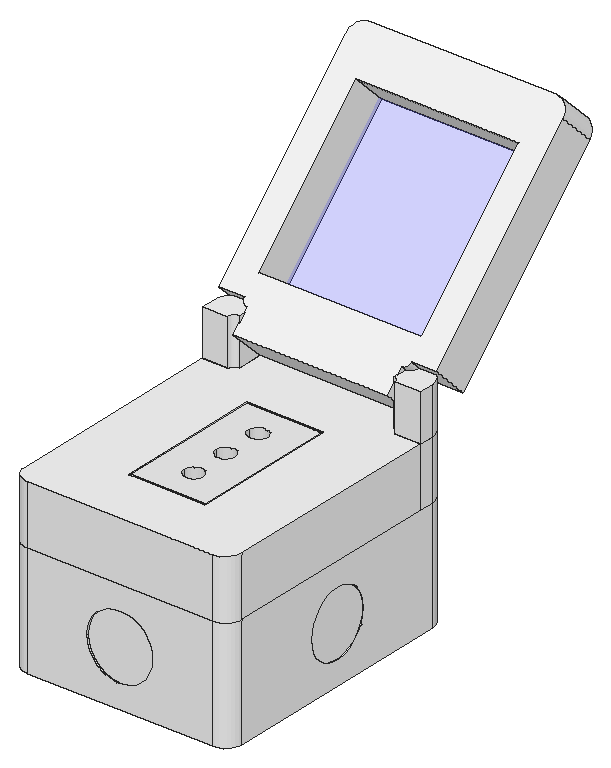
Revit family "Domotics-DomesticRanges-GEWISS-27COMBI_SYSTEM-IP55_SOCKET-OUTLET_ITA", category Apparecchi elettrici, host Superficie, Revit 2016
Family settings
  Host = Superficie
  Mantenere orientamento annotazione = Sì
  Tipo di parte = Normale
  Quota connettore circolare = Usa diametro
  Numero OmniClass = 23.80.50.14
  Titolo OmniClass = Plug Connectors
  Taglio con vuoti quando caricato = Sì
  Condiviso = Sì
  Punto di calcolo locali = No
Parameters (values of type "GW27841 - 2P+E 16A dual amp ita std socket IP55")
  Voltage: = "250 V ac"
  Voltage = "230V ac"
  Version file RFA = "19.4"
  VISTA DI PIANTA [instance] = yes
  URL = "https://www.gewiss.com/ww/en"
  Type of knockout holes = "Removable with tool"
  Type = "S.-outlet 2P+E - 16A Dual amp"
  Torque screws tightening = "0,8NM"
  Thermo-pressure with ball = "70 °C"
  Technical sheet = "https://www.gewiss.com/ww/en/search?q=GW27841"
  Standard; = "IEC 60884-1"
  Standard = "English"
  SPORTELLO APERTO [instance] = yes
  SIMBOLO [instance] = yes
  SEO = "Enclosure"
  Realized by GEWISS S.p.A. = ""
  Produttore = "GEWISS S.p.A."
  Outer dim. LxHxD (mm) = "66x82x65"
  Offset = 0 mm
  No. knockout holes Ã˜23 = "3 on sides / 1 on the bottom"
  N. holes Ã˜ 23 with cable gland = "1"
  Modello = "GW27841"
  Lid screws = "Stainless steel"
  Insulation class = "II"
  Installation temperature = "-25 +60 °C"
  IP degree = "IP55"
  IFC.TypeObject = ""
  IFC.ExportType = ""
  IFC.ExportAs = ""
  IDT = "a9e83055-bc3d-4fd1-a2af-8daed6b86314"
  IDF = "6e6a0e35-129b-4d3c-be95-18439426d1f8"
  Glow Wire Test = "650°C"
  GW - Testo elettrico = "10/16"
  Default Elevation = 1219.2 mm
  Immagine tipo = GW27841.jpg
  Electrocod = "0131"
  EAN code = "8011564095465"
  Door type = "With membrane"
  Door colour: = "Transparent"
  Distanza orizzontale del simbolo [instance] = 414.468 mm
  Distanza dal muro [instance] = 0 mm
  Descrizione = "2P+E 16A DUAL AMP ITA STD SOCKET IP55"
  Description: = "S.-outlet 2P+E - 16A Dual amp"
  Cornice simbolo [instance] = yes
  Colour = "Grey RAL 7035"
  Characteristics = "Italian standard"
  Catalogue Range = "27COMBI"
  Catalogue = "DOMOTICS"
  COBie.Tagnumber = ""
  COBie.CreatedOn = ""
  COBie.CreatebBy = ""
  COBie.ComponentRegisterItemID = ""
  COBie.Component.TagNumber = ""
  COBie.Component.Space = ""
  COBie.Component.SerialNumber = ""
  COBie.Component.InstallationDate = ""
  COBie.Component.Description = ""
  COBie.Component.BarCode = ""
Reference planes
  plane 1 "Centro (Fronte/Retro)": y = 0
  plane 2: z = 0
  plane 3 "Centro (Sinistra/Destra)": x = 0
  plane 4: z = 0
  plane 5: y = 41
  plane 6: y = -41
  plane 7: x = -33
  plane 8: x = 33
  plane 9: z = 60
  plane 10: x = -414.468
Lines and regions (mm)
  Masking region 1, visible <- "VISTA DI PIANTA"
    outline origin (0, 0, 0) x (1, 0, 0) y (0, 0, 1)
      loop
        line (33, 0) -> (33, 60) -> (-33, 60) -> (-33, 0) -> (33, 0)
  Masking region 2, visible <- "VISTA DI PIANTA", detail levels medium+fine
    outline origin (0, 0, 0) x (1, 0, 0) y (0, 0, 1)
      loop
        circle (0, 17) r 10
  Masking region 3
    outline origin (0, 0, 0) x (0, 1, 0) y (0, 0, 1)
      loop
        line (-41, 60) -> (-41, 0) -> (41, 0) -> (41, 60) -> (-41, 60)
  Masking region 4
    outline origin (0, 0, 0) x (0, 1, 0) y (0, 0, 1)
      loop
        circle (0, 17) r 11.5
  Masking region 5
    outline origin (0, 0, 0) x (1, 0, 0) y (0, 1, 0)
      loop
        line (-11.5, 21.5) -> (-11.5, -23.5) -> (11.5, -23.5) -> (11.5, 21.5) -> (-11.5, 21.5)
      loop
        circle (0.079, 11.206) r 2.942
      loop
        circle (0, -1) r 2.942
      loop
        circle (0.079, -13.206) r 2.942
  model lines, detail levels coarse
    curve 1: line (-11.5, -23.5, 60) -> (-11.5, 21.5, 60)
    curve 2: line (-11.5, 21.5, 60) -> (11.5, 21.5, 60)
    curve 3: line (11.5, 21.5, 60) -> (11.5, -23.5, 60)
    curve 4: line (11.5, -23.5, 60) -> (-11.5, -23.5, 60)
    curve 5: arc (-2.863, -13.206, 60) -> (0.079, -10.264, 60) -> (3.021, -13.206, 60) r 2.942
    curve 6: arc (3.021, -13.206, 60) -> (0.079, -16.148, 60) -> (-2.863, -13.206, 60) r 2.942
    curve 7: arc (2.942, -1, 60) -> (0, -3.942, 60) -> (-2.942, -1, 60) r 2.942
    curve 8: arc (-2.942, -1, 60) -> (0, 1.942, 60) -> (2.942, -1, 60) r 2.942
    curve 9: arc (3.021, 11.206, 60) -> (0.079, 8.264, 60) -> (-2.863, 11.206, 60) r 2.942
    curve 10: arc (-2.863, 11.206, 60) -> (0.079, 14.148, 60) -> (3.021, 11.206, 60) r 2.942
  model lines, not visible, detail levels coarse
    curve 11: line (-11.5, -23.5, 60) -> (-11.5, 21.5, 60)
    curve 12: line (-11.5, 21.5, 60) -> (11.5, 21.5, 60)
    curve 13: line (11.5, 21.5, 60) -> (11.5, -23.5, 60)
    curve 14: line (11.5, -23.5, 60) -> (-11.5, -23.5, 60)
    curve 15: arc (-2.863, -13.206, 60) -> (0.079, -10.264, 60) -> (3.021, -13.206, 60) r 2.942
    curve 16: arc (3.021, -13.206, 60) -> (0.079, -16.148, 60) -> (-2.863, -13.206, 60) r 2.942
    curve 17: arc (2.942, -1, 60) -> (0, -3.942, 60) -> (-2.942, -1, 60) r 2.942
    curve 18: arc (-2.942, -1, 60) -> (0, 1.942, 60) -> (2.942, -1, 60) r 2.942
    curve 19: arc (3.021, 11.206, 60) -> (0.079, 8.264, 60) -> (-2.863, 11.206, 60) r 2.942
    curve 20: arc (-2.863, 11.206, 60) -> (0.079, 14.148, 60) -> (3.021, 11.206, 60) r 2.942
Dimensions and locks
  "Offset": plane 4 to host face
  locked: plane 5 to plane 6 at 82
  locked: plane 7 to plane 8 at 66
  locked: plane 9 to plane 4 at 60
  "Distanza orizzontale del simbolo": plane 10 to plane 3 "Centro (Sinistra/Destra)"
  aligned and locked: plane 2 to host face
  aligned and locked: level to host face
  aligned and locked: plane 3 "Centro (Sinistra/Destra)" to nested 1
  aligned and locked: plane 1 "Centro (Fronte/Retro)" to nested 1
  aligned and locked: nested 1 to plane 4
  aligned and locked: plane 7 to nested 1
  aligned and locked: plane 8 to nested 1
  aligned and locked: plane 5 to nested 1
  aligned and locked: plane 6 to nested 1
  aligned and locked: Masking region 1 sketch curve to plane 9
  aligned and locked: Masking region 1 sketch curve to plane 8
  aligned and locked: Masking region 1 sketch curve to plane 7
  aligned and locked: plane 4 to Masking region 1 sketch curve
  aligned and locked: plane 4 to Masking region 3 sketch curve
  aligned and locked: Masking region 3 sketch curve to plane 9
  aligned and locked: Masking region 3 sketch curve to plane 6
  aligned and locked: Masking region 3 sketch curve to plane 5
  aligned and locked: nested 1 to nested 2
  aligned and locked: nested 2 to nested 1
  aligned and locked: Masking region 5 sketch curve to curve 2
  aligned and locked: Masking region 5 sketch curve to curve 1
  aligned and locked: Masking region 5 sketch curve to curve 4
  aligned and locked: Masking region 5 sketch curve to curve 3
  aligned and locked: plane 10 to nested 3
Automatic sketch dimensions
  host sketch curve to host sketch curve = 2438.4 mm  (x2)
  Masking region 2 sketch curve to plane 3 "Centro (Sinistra/Destra)" = 0 mm
  level to Masking region 2 sketch curve = 17 mm
  Masking region 4 sketch curve to plane 1 "Centro (Fronte/Retro)" = 0 mm
  level to Masking region 4 sketch curve = 17 mm
  curve 7 to curve 5 = 0.079 mm
  curve 7 to curve 10 = 0.079 mm
  curve 5 to curve 8 = 12.206 mm
  curve 7 to curve 10 = 12.206 mm
  curve 5 to curve 5 = 2.942 mm
  curve 10 to curve 9 = 2.942 mm
  curve 7 to curve 7 = 2.942 mm
  curve 1 to curve 6 = 8.637 mm
  curve 5 to curve 4 = 8.479 mm
  curve 1 to curve 6 = 10.294 mm
  curve 10 to curve 2 = 10.294 mm
  curve 5 to curve 6 = 0 mm  (x2)
  curve 7 to curve 8 = 0 mm  (x2)
  curve 9 to curve 10 = 0 mm  (x2)
  curve 17 to curve 15 = 0.079 mm
  curve 17 to curve 20 = 0.079 mm
  curve 15 to curve 18 = 12.206 mm
  curve 17 to curve 20 = 12.206 mm
  curve 15 to curve 15 = 2.942 mm
  curve 20 to curve 19 = 2.942 mm
  curve 17 to curve 17 = 2.942 mm
  curve 11 to curve 16 = 8.637 mm
  curve 15 to curve 14 = 8.479 mm
  curve 11 to curve 16 = 10.294 mm
  curve 20 to curve 12 = 10.294 mm
  curve 15 to curve 16 = 0 mm  (x2)
  curve 17 to curve 18 = 0 mm  (x2)
  curve 19 to curve 20 = 0 mm  (x2)
  Masking region 5 sketch curve to plane 3 "Centro (Sinistra/Destra)" = 0 mm
  plane 3 "Centro (Sinistra/Destra)" to Masking region 5 sketch curve = 0.079 mm  (x2)
  plane 1 "Centro (Fronte/Retro)" to Masking region 5 sketch curve = 13.206 mm
  plane 1 "Centro (Fronte/Retro)" to Masking region 5 sketch curve = 1 mm
  Masking region 5 sketch curve to plane 1 "Centro (Fronte/Retro)" = 11.206 mm
  radius of Masking region 2 sketch curve = 10 mm
  radius of Masking region 4 sketch curve = 11.5 mm
  radius of Masking region 5 sketch curve = 2.942 mm  (x3)
Nested families
  nested 1: "SYSTEM CONTENITORI IP55 COMPL PRESE ITA_BASE" at (0, 0, 0), Sportello aperto <- "SPORTELLO APERTO", type "GW27841"
    with Sportello chiuso no, Sportello aperto yes
  nested 2: "SYSTEM PRESE ITA P11 10A_BASE" at (0, -1, 13), type "SYSTEM PRESE ITA P11 10A_BASE"
  nested 3: "SIMBOLO PRESE" at (-414.468, 425.129, 0), TESTO ELETTRICO <- "GW - Testo elettrico", Distanza dal muro <- "Distanza dal muro", BORDO ACCESO <- "Cornice simbolo", SIMBOLO <- "SIMBOLO", type "PRESA"
    with TESTO ELETTRICO "10/16", SIMBOLO yes, Distanza dal muro 0 mm, BORDO ACCESO yes
Connectors
  cabletrayconduit at (33, 0, 17), diameter 20
    settings: on nested 1, index 1, connector width 300 mm, connector height 300 mm, connector angle 0.00°, system type 32, placement type 0, profile type 0, connector reference index -1, is primary connector yes, connector utility param no, connector description ""
  cabletrayconduit at (0, -41, 17), diameter 20
    settings: on nested 1, index 2, connector width 300 mm, connector height 300 mm, connector angle 0.00°, system type 32, placement type 0, profile type 0, connector reference index -1, is primary connector no, connector utility param no, connector description ""
  cabletrayconduit at (-33, 0, 17), diameter 20
    settings: on nested 1, index 3, connector width 300 mm, connector height 300 mm, connector angle 0.00°, system type 32, placement type 0, profile type 0, connector reference index -1, is primary connector no, connector utility param no, connector description ""
  cabletrayconduit at (0, 40.592, 17), diameter 20
    settings: on nested 1, index 4, connector width 300 mm, connector height 300 mm, connector angle 0.00°, system type 32, placement type 0, profile type 0, connector reference index -1, is primary connector no, connector utility param no, connector description ""
Definition of nested family "SYSTEM CONTENITORI IP55 COMPL PRESE ITA_BASE"
  Parameters (values of type "GW27841")
    VETRO = none
    Sportello chiuso [instance] = not(Sportello aperto)  # no
    Sportello aperto [instance] = yes
    Profondità scatola = 34 mm
    Offset bidimensionale = 60 mm
    Larghezza scatola = 66 mm
    SCATOLA = none
    Larghezza foro = 23 mm
    Default Elevation = 1219.2 mm
    Altezza scatola = 82 mm
    Altezza foro = 45 mm
  Reference planes
    plane 1 "Centro (Fronte/Retro)": y = 0
    plane 2: z = 0
    plane 3 "Centro (Sinistra/Destra)": x = 0
    plane 4: x = -33
    plane 5: x = 33
    plane 6 "1": y = 41
    plane 7: y = -41
    plane 8 "PIANO 1": z = 66
    plane 9: z = 34
    plane 10: z = 2
    plane 11: z = 52
    plane 12: x = -11.5
    plane 13: x = 11.5
    plane 14: y = 21.5
    plane 15: y = -23.5
    plane 16: z = 17
    plane 17 "PIANO BIDIMENSIONALE": z = 60
  Forms (mm)
    Extrusion 1, solid, material <- "SCATOLA", detail levels medium+fine
      sketch origin (0, 0, 66) x (0, -1, 0) y (1, 0, 0)
        loop
          arc (-41, -28) -> (-39.536, -31.536) -> (-36, -33) r 5
          line (-36, -33) -> (36, -33)
          arc (36, -33) -> (39.536, -31.536) -> (41, -28) r 5
          line (41, -28) -> (41, 28)
          arc (41, 28) -> (39.536, 31.536) -> (36, 33) r 5
          line (36, 33) -> (-36, 33)
          arc (-36, 33) -> (-39.536, 31.536) -> (-41, 28) r 5
          line (-41, 28) -> (-41, -28)
      from -66 to -32
    Extrusion 2, void, detail levels medium+fine
      sketch origin (0, 0, 66) x (0, -1, 0) y (1, 0, 0)
        loop
          line (-40, 28) -> (-40, -28)
          arc (-40, -28) -> (-38.828, -30.828) -> (-36, -32) r 4
          line (-36, -32) -> (36, -32)
          arc (36, -32) -> (38.828, -30.828) -> (40, -28) r 4
          line (40, -28) -> (40, 28)
          arc (40, 28) -> (38.828, 30.828) -> (36, 32) r 4
          line (36, 32) -> (-36, 32)
          arc (-36, 32) -> (-38.828, 30.828) -> (-40, 28) r 4
      from -64 to -32
    Extrusion 3, solid, material <- "SCATOLA", visible <- "Sportello chiuso", detail levels medium+fine
      sketch origin (0, 0, 66) x (0, -1, 0) y (1, 0, 0)
        loop
          line (-41, -23.414) -> (-33.415, -23.414)
          arc (-33.415, -23.414) -> (-32.861, -24.751) -> (-31.525, -25.304) r 1.89
          line (-31.525, -25.304) -> (-31.525, -33) -> (36, -33)
          arc (36, -33) -> (39.536, -31.536) -> (41, -28) r 5
          line (41, -28) -> (41, 28)
          arc (41, 28) -> (39.536, 31.536) -> (36, 33) r 5
          line (36, 33) -> (-31.525, 33) -> (-31.525, 25.304)
          arc (-31.525, 25.304) -> (-32.861, 24.751) -> (-33.415, 23.414) r 1.89
          line (-33.415, 23.414) -> (-41, 23.414) -> (-41, -23.414)
        loop
          line (26.857, 24.717) -> (-24.857, 24.717) -> (-24.857, -24.717) -> (26.857, -24.717) -> (26.857, 24.717)
      from -14 to 0
    Extrusion 4, solid, material <- "SCATOLA", detail levels medium+fine
      sketch origin (0, 0, 66) x (0, -1, 0) y (1, 0, 0)
        loop
          line (-41, -23.414) -> (-33.415, -23.414)
          arc (-33.415, -23.414) -> (-32.861, -24.751) -> (-31.525, -25.304) r 1.89
          line (-31.525, -25.304) -> (-31.525, -33) -> (36, -33)
          arc (36, -33) -> (39.536, -31.536) -> (41, -28) r 5
          line (41, -28) -> (41, 28)
          arc (41, 28) -> (39.536, 31.536) -> (36, 33) r 5
          line (36, 33) -> (-31.525, 33) -> (-31.525, 25.304)
          arc (-31.525, 25.304) -> (-32.861, 24.751) -> (-33.415, 23.414) r 1.89
          line (-33.415, 23.414) -> (-41, 23.414) -> (-41, -23.414)
        loop
          line (23.5, 11.5) -> (-21.5, 11.5) -> (-21.5, -11.5) -> (23.5, -11.5) -> (23.5, 11.5)
      from -32 to -14
    Extrusion 5, solid, material <- "SCATOLA", detail levels medium+fine
      sketch origin (0, 0, 66) x (0, -1, 0) y (1, 0, 0)
        loop
          arc (-41, -28) -> (-39.536, -31.536) -> (-36, -33) r 5
          line (-36, -33) -> (-31.525, -33) -> (-31.525, -25.304)
          arc (-31.525, -25.304) -> (-32.861, -24.751) -> (-33.415, -23.414) r 1.89
          line (-33.415, -23.414) -> (-41, -23.414) -> (-41, -28)
      from -14 to 0
    Extrusion 6, solid, material <- "SCATOLA", detail levels medium+fine
      sketch origin (0, 0, 66) x (0, -1, 0) y (1, 0, 0)
        loop
          line (-41, 28) -> (-41, 23.414) -> (-33.415, 23.414)
          arc (-33.415, 23.414) -> (-32.861, 24.751) -> (-31.525, 25.304) r 1.89
          line (-31.525, 25.304) -> (-31.525, 33) -> (-36, 33)
          arc (-36, 33) -> (-39.536, 31.536) -> (-41, 28) r 5
      from -14 to 0
    Extrusion 7, solid, material <- "VETRO", visible <- "Sportello chiuso", detail levels medium+fine
      sketch origin (0, 0, 66) x (0, -1, 0) y (1, 0, 0)
        loop
          line (-24.857, -24.717) -> (26.857, -24.717) -> (26.857, 24.717) -> (-24.857, 24.717) -> (-24.857, -24.717)
      from -1.5 to 0
    Extrusion 8, solid, material <- "SCATOLA", visible <- "Sportello aperto", detail levels medium+fine
      sketch origin (0, 69.991, 80.991) x (0, 0.707107, 0.707107) y (1, 0, 0)
        loop
          line (-41, -23.414) -> (-33.415, -23.414)
          arc (-33.415, -23.414) -> (-32.861, -24.751) -> (-31.525, -25.304) r 1.89
          line (-31.525, -25.304) -> (-31.525, -33) -> (36, -33)
          arc (36, -33) -> (39.536, -31.536) -> (41, -28) r 5
          line (41, -28) -> (41, 28)
          arc (41, 28) -> (39.536, 31.536) -> (36, 33) r 5
          line (36, 33) -> (-31.525, 33) -> (-31.525, 25.304)
          arc (-31.525, 25.304) -> (-32.861, 24.751) -> (-33.415, 23.414) r 1.89
          line (-33.415, 23.414) -> (-41, 23.414) -> (-41, -23.414)
        loop
          line (26.857, 24.717) -> (-24.857, 24.717) -> (-24.857, -24.717) -> (26.857, -24.717) -> (26.857, 24.717)
      from -14 to 0
    Extrusion 9, solid, material <- "VETRO", visible <- "Sportello aperto", detail levels medium+fine
      sketch origin (0, 69.991, 80.991) x (0, 0.707107, 0.707107) y (1, 0, 0)
        loop
          line (-24.857, -24.717) -> (26.857, -24.717) -> (26.857, 24.717) -> (-24.857, 24.717) -> (-24.857, -24.717)
      from -1.5 to 0
    Extrusion 10, solid, material <- "SCATOLA", visible <- "Sportello aperto", not visible
      sketch origin (210, 0, -63.711) x (0, -1, 0) y (1, 0, 0)
        loop
          line (-41, -56.414) -> (-33.415, -56.414)
          arc (-33.415, -56.414) -> (-32.861, -57.751) -> (-31.525, -58.304) r 1.89
          line (-31.525, -58.304) -> (-31.525, -66) -> (36, -66)
          arc (36, -66) -> (39.536, -64.536) -> (41, -61) r 5
          line (41, -61) -> (41, 61)
          arc (41, 61) -> (39.536, 64.536) -> (36, 66) r 5
          line (36, 66) -> (-31.525, 66) -> (-31.525, 58.304)
          arc (-31.525, 58.304) -> (-32.861, 57.751) -> (-33.415, 56.414) r 1.89
          line (-33.415, 56.414) -> (-41, 56.414) -> (-41, -56.414)
        loop
          line (26.857, 57.717) -> (-24.857, 57.717) -> (-24.857, -57.717) -> (26.857, -57.717) -> (26.857, 57.717)
      from -14 to 0
    Extrusion 11, solid, material <- "VETRO", visible <- "Sportello aperto", not visible
      sketch origin (210, 0, -63.711) x (0, -1, 0) y (1, 0, 0)
        loop
          line (-24.857, -57.717) -> (26.857, -57.717) -> (26.857, 57.717) -> (-24.857, 57.717) -> (-24.857, -57.717)
      from -1.5 to 0
    Extrusion 12, solid, material <- "SCATOLA", detail levels fine
      sketch origin (0, 0, 0) x (1, 0, 0) y (0, 0, 1)
        loop
          circle (0, 17) r 16
      from -43 to -41
    Extrusion 13, solid, material <- "SCATOLA", detail levels fine
      sketch origin (0, 41, 0) x (-1, 0, 0) y (0, 0, 1)
        loop
          circle (0, 17) r 13
      from 5 to 3
    Extrusion 14, solid, material <- "SCATOLA", detail levels fine
      sketch origin (0, 41, 0) x (-1, 0, 0) y (0, 0, 1)
        loop
          circle (0, 17) r 10
      from 8 to 6
    Extrusion 15, solid, material <- "SCATOLA", detail levels fine
      sketch origin (0, 41, 0) x (-1, 0, 0) y (0, 0, 1)
        loop
          circle (0, 17) r 3
      from 2 to 6
    Extrusion 16, solid, material <- "SCATOLA", detail levels medium+fine
      sketch origin (0, 0, 0) x (1, 0, 0) y (0, 1, 0)
        loop
          line (-23.414, 33.415) -> (-23.414, 41) -> (-28, 41)
          arc (-28, 41) -> (-31.536, 39.536) -> (-33, 36) r 5
          line (-33, 36) -> (-33, 31.525) -> (-25.304, 31.525)
          arc (-25.304, 31.525) -> (-24.751, 32.861) -> (-23.414, 33.415) r 1.89
        loop
          arc (23.414, 33.415) -> (24.751, 32.861) -> (25.304, 31.525) r 1.89
          line (25.304, 31.525) -> (33, 31.525) -> (33, 36)
          arc (33, 36) -> (31.536, 39.536) -> (28, 41) r 5
          line (28, 41) -> (23.414, 41) -> (23.414, 33.415)
      from 34 to 52
    Extrusion 17, void, detail levels medium+fine
      sketch origin (0, 0, 0) x (0, 1, 0) y (0, 0, 1)
        loop
          circle (0, 17) r 10
      from 32.526 to 33
    Extrusion 18, void, detail levels medium+fine
      sketch origin (0, 0, 0) x (1, 0, 0) y (0, 0, 1)
        loop
          circle (0, 17) r 10
      from 40.592 to 41
    Extrusion 19, void, detail levels medium+fine
      sketch origin (0, 0, 0) x (0, 1, 0) y (0, 0, -1)
        loop
          circle (0, -17) r 11.5
      from 32.526 to 33
    Extrusion 20, void, detail levels medium+fine
      sketch origin (0, 0, 0) x (1, 0, 0) y (0, 0, -1)
        loop
          circle (0, -17) r 10
      from 40.592 to 41
    Extrusion 21, solid, material <- "SCATOLA", detail levels coarse
      sketch origin (0, 0, 66) x (0, -1, 0) y (1, 0, 0)
        loop
          arc (36, -33) -> (39.536, -31.536) -> (41, -28) r 5
          line (41, -28) -> (41, 28)
          arc (41, 28) -> (39.536, 31.536) -> (36, 33) r 5
          line (36, 33) -> (-31.525, 33) -> (-36, 33)
          arc (-36, 33) -> (-39.536, 31.536) -> (-41, 28) r 5
          line (-41, 28) -> (-41, -28)
          arc (-41, -28) -> (-39.536, -31.536) -> (-36, -33) r 5
          line (-36, -33) -> (36, -33)
      from -66 to -6
  Cuts and joins
    Extrusion 2, Extrusion 17, Extrusion 18, Extrusion 19, Extrusion 20 cuts Extrusion 1
  Lines and regions (mm)
    Masking region 1
      outline origin (0, 0, 66) x (0, -1, 0) y (1, 0, 0)
        loop
          line (36, 33) -> (-31.525, 33) -> (-36, 33)
          arc (-36, 33) -> (-39.536, 31.536) -> (-41, 28) r 5
          line (-41, 28) -> (-41, -28)
          arc (-41, -28) -> (-39.536, -31.536) -> (-36, -33) r 5
          line (-36, -33) -> (36, -33)
          arc (36, -33) -> (39.536, -31.536) -> (41, -28) r 5
          line (41, -28) -> (41, 28)
          arc (41, 28) -> (39.536, 31.536) -> (36, 33) r 5
        loop
          line (-21.5, 11.5) -> (-21.5, -11.5) -> (23.5, -11.5) -> (23.5, 11.5) -> (-21.5, 11.5)
        loop
          circle (-36, -28) r 2
        loop
          circle (-36, 28) r 2
    Masking region 2
      outline origin (0, 0, 66) x (0, -1, 0) y (1, 0, 0)
        loop
          circle (-36, -28) r 2
        loop
          circle (-36, 28) r 2
        loop
          arc (-31.525, 24.717) -> (-32.446, 24.336) -> (-32.828, 23.414) r 1.303
          line (-32.828, 23.414) -> (-32.828, -23.414)
          arc (-32.828, -23.414) -> (-32.446, -24.336) -> (-31.525, -24.717) r 1.303
          line (-31.525, -24.717) -> (26.857, -24.717) -> (26.857, 24.717) -> (-31.525, 24.717)
        loop
          line (-21.5, 11.5) -> (-21.5, -11.5) -> (23.5, -11.5) -> (23.5, 11.5) -> (-21.5, 11.5)
        loop
          line (41, -25.996) -> (41, -23.996) -> (38.247, -23.996)
          arc (38.247, -23.996) -> (36.833, -23.41) -> (36.247, -21.996) r 2
          line (36.247, -21.996) -> (36.247, 21.996)
          arc (36.247, 21.996) -> (36.833, 23.41) -> (38.247, 23.996) r 2
          line (38.247, 23.996) -> (41, 23.996) -> (41, 25.996) -> (36.247, 25.996)
          arc (36.247, 25.996) -> (34.833, 25.41) -> (34.247, 23.996) r 2
          line (34.247, 23.996) -> (34.247, -23.996)
          arc (34.247, -23.996) -> (34.833, -25.41) -> (36.247, -25.996) r 2
          line (36.247, -25.996) -> (41, -25.996)
    Masking region 3
      outline origin (0, 0, 66) x (0, -1, 0) y (1, 0, 0)
        loop
          line (-31.525, -33) -> (-31.525, -25.304)
          arc (-31.525, -25.304) -> (-32.861, -24.751) -> (-33.415, -23.414) r 1.89
          line (-33.415, -23.414) -> (-41, -23.414) -> (-41, -28)
          arc (-41, -28) -> (-39.536, -31.536) -> (-36, -33) r 5
          line (-36, -33) -> (-31.525, -33)
        loop
          circle (-36, -28) r 2
        loop
          line (-31.525, 25.304) -> (-31.525, 33) -> (-36, 33)
          arc (-36, 33) -> (-39.536, 31.536) -> (-41, 28) r 5
          line (-41, 28) -> (-41, 23.414) -> (-33.415, 23.414)
          arc (-33.415, 23.414) -> (-32.861, 24.751) -> (-31.525, 25.304) r 1.89
        loop
          circle (-36, 28) r 2
        loop
          line (-24.857, -24.717) -> (-24.857, 24.717) -> (-31.525, 24.717)
          arc (-31.525, 24.717) -> (-32.446, 24.336) -> (-32.828, 23.414) r 1.303
          line (-32.828, 23.414) -> (-32.828, -23.414)
          arc (-32.828, -23.414) -> (-32.446, -24.336) -> (-31.525, -24.717) r 1.303
          line (-31.525, -24.717) -> (-24.857, -24.717)
    model lines, detail levels coarse
      curve 1: line (-28, 41, 60) -> (28, 41, 60)
      curve 2: arc (-28, 41, 60) -> (-31.536, 39.536, 60) -> (-33, 36, 60) r 5
      curve 3: line (-33, -36, 60) -> (-33, 36, 60)
      curve 4: arc (-28, -41, 60) -> (-31.536, -39.536, 60) -> (-33, -36, 60) r 5
      curve 5: line (28, -41, 60) -> (-28, -41, 60)
      curve 6: line (-23.996, -41, 60) -> (-23.996, -38.247, 60)
      curve 7: line (-25.996, -41, 60) -> (-25.996, -36.247, 60)
      curve 8: arc (-21.996, -36.247, 60) -> (-23.41, -36.833, 60) -> (-23.996, -38.247, 60) r 2
      curve 9: arc (-23.996, -34.247, 60) -> (-25.41, -34.833, 60) -> (-25.996, -36.247, 60) r 2
      curve 10: line (-23.996, -34.247, 60) -> (23.996, -34.247, 60)
      curve 11: line (-21.996, -36.247, 60) -> (21.996, -36.247, 60)
      curve 12: arc (23.996, -38.247, 60) -> (23.41, -36.833, 60) -> (21.996, -36.247, 60) r 2
      curve 13: line (23.996, -41, 60) -> (23.996, -38.247, 60)
      curve 14: arc (25.996, -36.247, 60) -> (25.41, -34.833, 60) -> (23.996, -34.247, 60) r 2
      curve 15: line (25.996, -41, 60) -> (25.996, -36.247, 60)
      curve 16: arc (33, -36, 60) -> (31.536, -39.536, 60) -> (28, -41, 60) r 5
      curve 17: line (33, 36, 60) -> (33, -36, 60)
      curve 18: arc (28, 41, 60) -> (31.536, 39.536, 60) -> (33, 36, 60) r 5
      curve 19: line (23.414, 41, 60) -> (23.414, 33.415, 60)
      curve 20: line (-23.414, 41, 60) -> (-23.414, 33.415, 60)
      curve 21: circle (-28, 36, 60) r 2 normal (0, 0, 1)
      curve 22: line (-29.912, 35.413, 60) -> (-26.7, 37.52, 60)
      curve 23: line (-26.172, 36.81, 60) -> (-29.472, 34.646, 60)
      curve 24: circle (28, 36, 60) r 2 normal (0, 0, -1)
      curve 25: line (29.912, 35.413, 60) -> (26.7, 37.52, 60)
      curve 26: line (26.172, 36.81, 60) -> (29.472, 34.646, 60)
      curve 27: line (33, 31.525, 60) -> (25.304, 31.525, 60)
      curve 28: arc (23.414, 33.415, 60) -> (24.751, 32.861, 60) -> (25.304, 31.525, 60) r 1.89
      curve 29: line (-23.414, 33.415, 60) -> (23.414, 33.415, 60)
      curve 30: arc (-23.414, 33.415, 60) -> (-24.751, 32.861, 60) -> (-25.304, 31.525, 60) r 1.89
      curve 31: line (-33, 31.525, 60) -> (-25.304, 31.525, 60)
      curve 32: arc (-23.414, 32.828, 60) -> (-24.336, 32.446, 60) -> (-24.717, 31.525, 60) r 1.303
      curve 33: line (-23.414, 32.828, 60) -> (23.414, 32.828, 60)
      curve 34: arc (23.414, 32.828, 60) -> (24.336, 32.446, 60) -> (24.717, 31.525, 60) r 1.303
      curve 35: line (24.717, 31.525, 60) -> (24.717, -26.857, 60)
      curve 36: line (-24.717, -26.857, 60) -> (-24.717, 31.525, 60)
      curve 37: line (-24.717, 24.857, 60) -> (24.717, 24.857, 60)
      curve 38: line (-11.5, 21.5, 60) -> (11.5, 21.5, 60)
      curve 39: line (11.5, 21.5, 60) -> (11.5, -23.5, 60)
      curve 40: line (-11.5, -23.5, 60) -> (-11.5, 21.5, 60)
      curve 41: line (11.5, -23.5, 60) -> (-11.5, -23.5, 60)
      curve 42: line (24.717, -26.857, 60) -> (-24.717, -26.857, 60)
    model lines, not visible, detail levels coarse
      curve 43: line (-28, 41, 60) -> (28, 41, 60)
      curve 44: arc (-28, 41, 60) -> (-31.536, 39.536, 60) -> (-33, 36, 60) r 5
      curve 45: line (-33, -36, 60) -> (-33, 36, 60)
      curve 46: arc (-28, -41, 60) -> (-31.536, -39.536, 60) -> (-33, -36, 60) r 5
      curve 47: line (28, -41, 60) -> (-28, -41, 60)
      curve 48: line (-23.996, -41, 60) -> (-23.996, -38.247, 60)
      curve 49: line (-25.996, -41, 60) -> (-25.996, -36.247, 60)
      curve 50: arc (-21.996, -36.247, 60) -> (-23.41, -36.833, 60) -> (-23.996, -38.247, 60) r 2
      curve 51: arc (-23.996, -34.247, 60) -> (-25.41, -34.833, 60) -> (-25.996, -36.247, 60) r 2
      curve 52: line (-23.996, -34.247, 60) -> (23.996, -34.247, 60)
      curve 53: line (-21.996, -36.247, 60) -> (21.996, -36.247, 60)
      curve 54: arc (23.996, -38.247, 60) -> (23.41, -36.833, 60) -> (21.996, -36.247, 60) r 2
      curve 55: line (23.996, -41, 60) -> (23.996, -38.247, 60)
      curve 56: arc (25.996, -36.247, 60) -> (25.41, -34.833, 60) -> (23.996, -34.247, 60) r 2
      curve 57: line (25.996, -41, 60) -> (25.996, -36.247, 60)
      curve 58: arc (33, -36, 60) -> (31.536, -39.536, 60) -> (28, -41, 60) r 5
      curve 59: line (33, 36, 60) -> (33, -36, 60)
      curve 60: arc (28, 41, 60) -> (31.536, 39.536, 60) -> (33, 36, 60) r 5
      curve 61: line (23.414, 41, 60) -> (23.414, 33.415, 60)
      curve 62: line (-23.414, 41, 60) -> (-23.414, 33.415, 60)
      curve 63: circle (-28, 36, 60) r 2 normal (0, 0, 1)
      curve 64: line (-29.912, 35.413, 60) -> (-26.7, 37.52, 60)
      curve 65: line (-26.172, 36.81, 60) -> (-29.472, 34.646, 60)
      curve 66: circle (28, 36, 60) r 2 normal (0, 0, -1)
      curve 67: line (29.912, 35.413, 60) -> (26.7, 37.52, 60)
      curve 68: line (26.172, 36.81, 60) -> (29.472, 34.646, 60)
      curve 69: line (33, 31.525, 60) -> (25.304, 31.525, 60)
      curve 70: arc (23.414, 33.415, 60) -> (24.751, 32.861, 60) -> (25.304, 31.525, 60) r 1.89
      curve 71: line (-23.414, 33.415, 60) -> (23.414, 33.415, 60)
      curve 72: arc (-23.414, 33.415, 60) -> (-24.751, 32.861, 60) -> (-25.304, 31.525, 60) r 1.89
      curve 73: line (-33, 31.525, 60) -> (-25.304, 31.525, 60)
      curve 74: arc (-23.414, 32.828, 60) -> (-24.336, 32.446, 60) -> (-24.717, 31.525, 60) r 1.303
      curve 75: line (-23.414, 32.828, 60) -> (23.414, 32.828, 60)
      curve 76: arc (23.414, 32.828, 60) -> (24.336, 32.446, 60) -> (24.717, 31.525, 60) r 1.303
      curve 77: line (24.717, 31.525, 60) -> (24.717, -26.857, 60)
      curve 78: line (-24.717, -26.857, 60) -> (-24.717, 31.525, 60)
      curve 79: line (-24.717, 24.857, 60) -> (24.717, 24.857, 60)
      curve 80: line (-11.5, 21.5, 60) -> (11.5, 21.5, 60)
      curve 81: line (11.5, 21.5, 60) -> (11.5, -23.5, 60)
      curve 82: line (-11.5, -23.5, 60) -> (-11.5, 21.5, 60)
      curve 83: line (11.5, -23.5, 60) -> (-11.5, -23.5, 60)
      curve 84: line (24.717, -26.857, 60) -> (-24.717, -26.857, 60)
  Dimensions and locks
    equal spacing: plane 4, plane 3 "Centro (Sinistra/Destra)", plane 5
    equal spacing: plane 6 "1", plane 1 "Centro (Fronte/Retro)", plane 7
    "Altezza scatola": plane 6 "1" to plane 7
    "Larghezza scatola": plane 4 to plane 5
    "Profondità scatola": plane 9 to level
    plane 8 "PIANO 1" to plane 11 = 14 mm
    "Altezza foro": plane 15 to plane 14
    "Larghezza foro": plane 12 to plane 13
    equal spacing: plane 12, plane 3 "Centro (Sinistra/Destra)", plane 13
    equal spacing: level, plane 16, plane 9
    "Offset bidimensionale": plane 17 "PIANO BIDIMENSIONALE" to plane 2
    aligned and locked: level to plane 2
    aligned and locked: Extrusion 1 sketch curve to plane 6 "1"
    aligned and locked: plane 4 to Extrusion 1 sketch curve
    aligned and locked: Extrusion 1 sketch curve to plane 5
    aligned and locked: plane 7 to Extrusion 1 sketch curve
    aligned and locked: Extrusion 1 to level
    aligned and locked: Extrusion 2 to plane 10
    aligned and locked: plane 9 to Extrusion 2
    aligned and locked: plane 9 to Extrusion 1
    aligned and locked: Extrusion 3 sketch curve to plane 4
    aligned and locked: plane 6 "1" to Extrusion 3 sketch curve
    aligned and locked: plane 5 to Extrusion 3 sketch curve
    aligned and locked: Extrusion 3 sketch curve to plane 7
    aligned and locked: plane 8 "PIANO 1" to Extrusion 3
    aligned and locked: Extrusion 3 to plane 11
    aligned and locked: Extrusion 4 to Extrusion 3
    aligned and locked: Extrusion 4 to plane 9
    aligned and locked: cut or joined group of Extrusion 1, Extrusion 2, Extrusion 17, Extrusion 18, Extrusion 19, Extrusion 20 to Extrusion 5 sketch curve
    aligned and locked: Extrusion 5 sketch curve to cut or joined group of Extrusion 1, Extrusion 2, Extrusion 17, Extrusion 18, Extrusion 19, Extrusion 20
    aligned and locked: Extrusion 5 to Extrusion 3
    aligned and locked: plane 5 to Extrusion 6
    aligned and locked: Extrusion 7 sketch curve to Extrusion 3  (x2)
    aligned and locked: plane 8 "PIANO 1" to Extrusion 7
    aligned and locked: Extrusion 9 sketch curve to Extrusion 8  (x2)
    aligned and locked: Extrusion 11 sketch curve to Extrusion 10  (x2)
    aligned and locked: Extrusion 8 to plane 4
    aligned and locked: Extrusion 9 to Extrusion 8  (x2)
    aligned and locked: Extrusion 11 to Extrusion 10  (x2)
    aligned and locked: plane 4 to Extrusion 8 sketch curve
    aligned and locked: Extrusion 8 sketch curve to plane 5
    aligned and locked: plane 14 to Extrusion 4 sketch curve
    aligned and locked: Extrusion 4 sketch curve to plane 15
    aligned and locked: plane 12 to Extrusion 4 sketch curve
    aligned and locked: Extrusion 4 sketch curve to plane 13
    aligned and locked: plane 6 "1" to Extrusion 12
    aligned and locked: Extrusion 15 to Extrusion 12
    aligned and locked: Extrusion 15 to Extrusion 14
    aligned and locked: Extrusion 6 to Extrusion 4
    aligned and locked: Extrusion 5 to Extrusion 4
    aligned and locked: Extrusion 16 to Extrusion 3
    aligned and locked: Extrusion 16 to cut or joined group of Extrusion 1, Extrusion 2, Extrusion 17, Extrusion 18, Extrusion 19, Extrusion 20
    aligned and locked: Extrusion 16 sketch curve to Extrusion 4
    aligned and locked: plane 5 to Extrusion 17
    aligned and locked: Extrusion 18 to plane 7
    aligned and locked: Extrusion 1 to Extrusion 19
    aligned and locked: curve 1 to plane 6 "1"
    aligned and locked: curve 17 to plane 5
    aligned and locked: plane 4 to curve 3
    aligned and locked: plane 7 to curve 5
    aligned and locked: Extrusion 4 to plane 7
    aligned and locked: plane 5 to Extrusion 3
    aligned and locked: plane 6 "1" to Extrusion 3
    aligned and locked: Extrusion 3 to plane 4
    aligned and locked: Extrusion 3 to plane 8 "PIANO 1"
    aligned and locked: Extrusion 21 sketch curve to Extrusion 3  (x4)
    aligned and locked: plane 5 to Extrusion 21 sketch curve
    aligned and locked: Extrusion 21 to level
    aligned and locked: Extrusion 21 to curve 2
  Automatic sketch dimensions
    Extrusion 10 sketch curve to Extrusion 10 sketch curve = 7.585 mm  (x2)
    Extrusion 10 sketch curve to Extrusion 10 sketch curve = 1.89 mm  (x2)
    Extrusion 10 sketch curve to Extrusion 10 sketch curve = 6.668 mm
    Extrusion 10 sketch curve to Extrusion 10 sketch curve = 7.696 mm
    Extrusion 10 sketch curve to Extrusion 10 sketch curve = 0.587 mm  (x2)
    Extrusion 10 sketch curve to Extrusion 10 sketch curve = 112.829 mm
    Extrusion 10 sketch curve to Extrusion 10 sketch curve = 3.283 mm
    Extrusion 10 sketch curve to Extrusion 10 sketch curve = 51.714 mm
    Extrusion 10 sketch curve to Extrusion 10 sketch curve = 9.143 mm  (x2)
    Extrusion 10 sketch curve to Extrusion 10 sketch curve = 5 mm
    Extrusion 11 sketch curve to Extrusion 11 sketch curve = 51.714 mm
    Extrusion 1 sketch curve to Extrusion 1 sketch curve = 5 mm  (x2)
    Extrusion 1 sketch curve to plane 5 = 5 mm  (x2)
    Extrusion 2 sketch curve to plane 6 "1" = 1 mm
    plane 4 to Extrusion 2 sketch curve = 1 mm
    Extrusion 2 sketch curve to plane 6 "1" = 5 mm
    Extrusion 2 sketch curve to Extrusion 2 sketch curve = 4 mm
    plane 7 to Extrusion 2 sketch curve = 5 mm  (x2)
    plane 7 to Extrusion 2 sketch curve = 1 mm
    Extrusion 2 sketch curve to plane 5 = 5 mm
    Extrusion 3 sketch curve to Extrusion 3 sketch curve = 7.585 mm  (x2)
    Extrusion 3 sketch curve to plane 6 "1" = 9.475 mm
    Extrusion 3 sketch curve to Extrusion 3 sketch curve = 1.89 mm
    Extrusion 3 sketch curve to plane 14 = 3.357 mm
    plane 15 to Extrusion 3 sketch curve = 3.357 mm
    plane 7 to Extrusion 3 sketch curve = 5 mm
    Extrusion 3 sketch curve to plane 5 = 5 mm
    Extrusion 3 sketch curve to Extrusion 3 sketch curve = 7.696 mm
    Extrusion 3 sketch curve to Extrusion 3 sketch curve = 0.587 mm
    Extrusion 3 sketch curve to plane 5 = 9.586 mm
    Extrusion 3 sketch curve to plane 5 = 8.283 mm
    Extrusion 4 sketch curve to plane 6 "1" = 0 mm
    Extrusion 4 sketch curve to plane 4 = 0 mm
    Extrusion 4 sketch curve to plane 5 = 0 mm
    Extrusion 4 sketch curve to plane 7 = 0 mm
    Extrusion 4 sketch curve to Extrusion 4 sketch curve = 7.585 mm  (x2)
    Extrusion 4 sketch curve to plane 6 "1" = 9.475 mm
    Extrusion 4 sketch curve to Extrusion 4 sketch curve = 1.89 mm
    plane 7 to Extrusion 4 sketch curve = 5 mm
    Extrusion 4 sketch curve to plane 5 = 5 mm
    Extrusion 4 sketch curve to Extrusion 4 sketch curve = 7.696 mm
    Extrusion 4 sketch curve to plane 5 = 9.586 mm
    Extrusion 5 sketch curve to Extrusion 5 sketch curve = 5 mm
    Extrusion 5 sketch curve to Extrusion 5 sketch curve = 2.585 mm
    Extrusion 5 sketch curve to Extrusion 5 sketch curve = 1.89 mm
    Extrusion 5 sketch curve to Extrusion 5 sketch curve = 2.696 mm
    Extrusion 6 sketch curve to plane 6 "1" = 0 mm
    Extrusion 6 sketch curve to plane 5 = 0 mm
    plane 5 to Extrusion 6 sketch curve = 5 mm
    Extrusion 6 sketch curve to Extrusion 6 sketch curve = 2.585 mm
    Extrusion 6 sketch curve to Extrusion 6 sketch curve = 1.89 mm
    Extrusion 6 sketch curve to Extrusion 6 sketch curve = 2.696 mm
    plane 4 to Extrusion 8 sketch curve = 9.586 mm
    Extrusion 8 sketch curve to Extrusion 8 sketch curve = 7.585 mm  (x2)
    Extrusion 8 sketch curve to Extrusion 8 sketch curve = 1.89 mm  (x2)
    Extrusion 8 sketch curve to Extrusion 8 sketch curve = 6.668 mm
    Extrusion 8 sketch curve to plane 5 = 8.283 mm
    Extrusion 8 sketch curve to Extrusion 8 sketch curve = 51.714 mm
    Extrusion 8 sketch curve to Extrusion 8 sketch curve = 9.143 mm  (x2)
    Extrusion 8 sketch curve to plane 5 = 5 mm
    Extrusion 8 sketch curve to Extrusion 8 sketch curve = 0.587 mm
    Extrusion 8 sketch curve to plane 5 = 9.586 mm
    Extrusion 9 sketch curve to Extrusion 9 sketch curve = 51.714 mm
    Extrusion 12 sketch curve to plane 3 "Centro (Sinistra/Destra)" = 0 mm
    Extrusion 12 sketch curve to plane 16 = 0 mm
    Extrusion 13 sketch curve to plane 3 "Centro (Sinistra/Destra)" = 0 mm
    Extrusion 13 sketch curve to plane 16 = 0 mm
    Extrusion 14 sketch curve to plane 3 "Centro (Sinistra/Destra)" = 0 mm
    Extrusion 14 sketch curve to plane 16 = 0 mm
    Extrusion 15 sketch curve to plane 3 "Centro (Sinistra/Destra)" = 0 mm
    Extrusion 15 sketch curve to plane 16 = 0 mm
    Extrusion 16 sketch curve to plane 4 = 0 mm
    Extrusion 16 sketch curve to plane 6 "1" = 0 mm  (x2)
    Extrusion 16 sketch curve to plane 5 = 0 mm
    plane 4 to Extrusion 16 sketch curve = 5 mm
    Extrusion 16 sketch curve to Extrusion 16 sketch curve = 1.89 mm  (x2)
    Extrusion 16 sketch curve to plane 5 = 9.586 mm
    Extrusion 16 sketch curve to Extrusion 16 sketch curve = 4.586 mm
    Extrusion 16 sketch curve to Extrusion 16 sketch curve = 2.585 mm  (x2)
    Extrusion 17 sketch curve to plane 1 "Centro (Fronte/Retro)" = 0 mm
    plane 16 to Extrusion 17 sketch curve = 0 mm
    Extrusion 18 sketch curve to plane 3 "Centro (Sinistra/Destra)" = 0 mm
    Extrusion 18 sketch curve to plane 16 = 0 mm
    Extrusion 19 sketch curve to plane 1 "Centro (Fronte/Retro)" = 0 mm
    plane 16 to Extrusion 19 sketch curve = 0 mm
    Extrusion 20 sketch curve to plane 3 "Centro (Sinistra/Destra)" = 0 mm
    Extrusion 20 sketch curve to plane 16 = 0 mm
    Extrusion 7 sketch curve to plane 14 = 3.357 mm
    plane 15 to Extrusion 7 sketch curve = 3.357 mm
    plane 4 to Extrusion 21 sketch curve = 5 mm  (x2)
    Extrusion 21 sketch curve to plane 5 = 5 mm
    Extrusion 21 sketch curve to plane 6 "1" = 9.475 mm
    Extrusion 21 sketch curve to Extrusion 21 sketch curve = 4.475 mm
    curve 18 to curve 24 = 0 mm  (x4)
    curve 28 to curve 34 = 0 mm  (x4)
    curve 30 to curve 32 = 0 mm  (x4)
    curve 21 to curve 24 = 0 mm
    curve 18 to curve 34 = 4.475 mm
    curve 28 to curve 16 = 67.525 mm
    curve 4 to curve 16 = 0 mm
    curve 16 to curve 14 = 0.247 mm
    curve 4 to curve 9 = 0.247 mm
    curve 9 to curve 8 = 2 mm
    curve 14 to curve 12 = 2 mm
    curve 2 to curve 4 = 0 mm
    curve 4 to curve 9 = 4.004 mm
    curve 21 to curve 32 = 4.586 mm
    curve 8 to curve 12 = 43.992 mm
    curve 12 to curve 14 = 2 mm
    curve 14 to curve 16 = 4.004 mm
    curve 25 to curve 26 = 0.709 mm
    curve 22 to curve 23 = 0.709 mm
    curve 18 to curve 25 = 0.587 mm
    curve 2 to curve 22 = 0.587 mm
    curve 22 to curve 23 = 0.767 mm
    curve 25 to curve 26 = 0.767 mm
    curve 28 to curve 34 = 1.89 mm
    curve 29 to curve 32 = 1.89 mm
    curve 29 to curve 32 = 0.587 mm
    curve 34 to curve 37 = 6.668 mm
    curve 37 to curve 38 = 3.357 mm
    curve 39 to curve 14 = 12.747 mm
    curve 42 to curve 14 = 9.39 mm
    curve 10 to curve 9 = 2 mm
    curve 11 to curve 8 = 2 mm
    curve 13 to curve 15 = 2.753 mm
    curve 22 to curve 23 = 0.44 mm
    curve 22 to curve 23 = 0.528 mm
    curve 7 to curve 6 = 2 mm
    curve 37 to curve 40 = 13.217 mm
    curve 39 to curve 28 = 11.914 mm
    curve 10 to curve 42 = 0.722 mm
    curve 26 to curve 25 = 0.528 mm
    curve 26 to curve 25 = 0.44 mm
    curve 2 to curve 21 = 0 mm  (x4)
    curve 60 to curve 66 = 0 mm  (x4)
    curve 70 to curve 76 = 0 mm  (x4)
    curve 72 to curve 74 = 0 mm  (x4)
    curve 63 to curve 66 = 0 mm
    curve 60 to curve 76 = 4.475 mm
    curve 70 to curve 58 = 67.525 mm
    curve 46 to curve 58 = 0 mm
    curve 58 to curve 56 = 0.247 mm
    curve 46 to curve 51 = 0.247 mm
    curve 51 to curve 50 = 2 mm
    curve 56 to curve 54 = 2 mm
    curve 44 to curve 46 = 0 mm
    curve 46 to curve 51 = 4.004 mm
    curve 63 to curve 74 = 4.586 mm
    curve 50 to curve 54 = 43.992 mm
    curve 54 to curve 56 = 2 mm
    curve 56 to curve 58 = 4.004 mm
    curve 67 to curve 68 = 0.709 mm
    curve 64 to curve 65 = 0.709 mm
    curve 60 to curve 67 = 0.587 mm
    curve 44 to curve 64 = 0.587 mm
    curve 64 to curve 65 = 0.767 mm
    curve 67 to curve 68 = 0.767 mm
    curve 70 to curve 76 = 1.89 mm
    curve 71 to curve 74 = 1.89 mm
    curve 71 to curve 74 = 0.587 mm
    curve 76 to curve 79 = 6.668 mm
    curve 79 to curve 80 = 3.357 mm
    curve 81 to curve 56 = 12.747 mm
    curve 84 to curve 56 = 9.39 mm
    curve 52 to curve 51 = 2 mm
    curve 53 to curve 50 = 2 mm
    curve 55 to curve 57 = 2.753 mm
    curve 64 to curve 65 = 0.44 mm
    curve 64 to curve 65 = 0.528 mm
    curve 49 to curve 48 = 2 mm
    curve 79 to curve 82 = 13.217 mm
    curve 81 to curve 70 = 11.914 mm
    curve 52 to curve 84 = 0.722 mm
    curve 68 to curve 67 = 0.528 mm
    curve 68 to curve 67 = 0.44 mm
    curve 44 to curve 63 = 0 mm  (x4)
    Masking region 1 sketch curve to Masking region 1 sketch curve = 0 mm  (x4)
    Masking region 1 sketch curve to plane 6 "1" = 0 mm
    Masking region 1 sketch curve to plane 5 = 0 mm
    Masking region 1 sketch curve to plane 4 = 0 mm
    Masking region 1 sketch curve to plane 12 = 0 mm
    plane 14 to Masking region 1 sketch curve = 0 mm
    Masking region 1 sketch curve to plane 13 = 0 mm
    plane 15 to Masking region 1 sketch curve = 0 mm
    Masking region 1 sketch curve to plane 7 = 0 mm
    Masking region 1 sketch curve to plane 6 "1" = 5 mm
    Masking region 1 sketch curve to plane 5 = 5 mm
    Masking region 1 sketch curve to Masking region 1 sketch curve = 4.475 mm
    plane 7 to Masking region 1 sketch curve = 5 mm  (x2)
    Masking region 2 sketch curve to plane 12 = 0 mm
    plane 14 to Masking region 2 sketch curve = 0 mm
    Masking region 2 sketch curve to plane 13 = 0 mm
    plane 15 to Masking region 2 sketch curve = 0 mm
    Masking region 2 sketch curve to plane 7 = 0 mm  (x2)
    Masking region 2 sketch curve to plane 6 "1" = 9.475 mm  (x2)
    Masking region 2 sketch curve to Masking region 2 sketch curve = 1.303 mm
    Masking region 2 sketch curve to plane 6 "1" = 5 mm  (x2)
    plane 15 to Masking region 2 sketch curve = 3.357 mm
    plane 7 to Masking region 2 sketch curve = 6.753 mm
    Masking region 2 sketch curve to Masking region 2 sketch curve = 2 mm  (x4)
    Masking region 2 sketch curve to Masking region 2 sketch curve = 0 mm  (x3)
    Masking region 2 sketch curve to plane 12 = 10.496 mm
    plane 4 to Masking region 2 sketch curve = 9.586 mm
    plane 4 to Masking region 2 sketch curve = 5 mm
    plane 13 to Masking region 2 sketch curve = 10.496 mm
    Masking region 2 sketch curve to plane 5 = 9.586 mm
    Masking region 2 sketch curve to plane 5 = 5 mm
    Masking region 3 sketch curve to Masking region 3 sketch curve = 0 mm  (x12)
    Masking region 3 sketch curve to plane 6 "1" = 0 mm  (x2)
    Masking region 3 sketch curve to plane 4 = 0 mm
    Masking region 3 sketch curve to plane 5 = 0 mm
    Masking region 3 sketch curve to plane 6 "1" = 5 mm
    Masking region 3 sketch curve to plane 5 = 5 mm
    Masking region 3 sketch curve to Masking region 3 sketch curve = 2.585 mm  (x2)
    Masking region 3 sketch curve to Masking region 3 sketch curve = 0.587 mm
    Masking region 3 sketch curve to Masking region 3 sketch curve = 1.303 mm
    Masking region 3 sketch curve to Masking region 3 sketch curve = 4.475 mm
    Masking region 3 sketch curve to plane 14 = 3.357 mm
    Masking region 3 sketch curve to Masking region 3 sketch curve = 2.696 mm
    Masking region 3 sketch curve to Masking region 3 sketch curve = 4.586 mm
    Masking region 3 sketch curve to Masking region 3 sketch curve = 2 mm
    radius of Extrusion 12 sketch curve = 16 mm
    radius of Extrusion 13 sketch curve = 13 mm
    radius of Extrusion 14 sketch curve = 10 mm
    radius of Extrusion 15 sketch curve = 3 mm
    radius of Extrusion 17 sketch curve = 10 mm
    radius of Extrusion 18 sketch curve = 10 mm
    radius of Extrusion 19 sketch curve = 11.5 mm
    radius of Extrusion 20 sketch curve = 10 mm
    radius of Masking region 1 sketch curve = 2 mm  (x2)
    radius of Masking region 2 sketch curve = 2 mm  (x2)
    radius of Masking region 3 sketch curve = 2 mm
Definition of nested family "SYSTEM PRESE ITA P11 10A_BASE"
  Parameters (values of type "SYSTEM PRESE ITA P11 10A_BASE")
    Struttura = none
    Pulsante = none
    Profondità supporto = 28.04 mm
    Profondità presa = 39 mm
    Larghezza presa = 23 mm
    Distanza simbolo = 30 mm
    Bidimensionale = 43.8 mm
    Altezza simbolo = 30 mm
    Altezza presa = 45 mm
  Reference planes
    plane 1 "Centro (Fronte/Retro)": y = 0
    plane 2: z = 0
    plane 3 "Centro (Sinistra/Destra)": x = 0
    plane 4: x = -11.5
    plane 5: x = 11.5
    plane 6: y = 22.5
    plane 7: y = -22.5
    plane 8 "PIANO BIDIMENSIONALE": z = 43.8
    plane 9: z = 26
    plane 10: z = 39
  Forms (mm)
    Extrusion 1, solid, material <- "Struttura", detail levels medium+fine
      sketch origin (0, 0, 0) x (0, 1, 0) y (0, 0, 1)
        loop
          line (22.5, 0.5) -> (22.5, 26) -> (-22.5, 26) -> (-22.5, 0.5)
          arc (-22.5, 0.5) -> (-22.354, 0.146) -> (-22, 0) r 0.5
          line (-22, 0) -> (22, 0)
          arc (22, 0) -> (22.354, 0.146) -> (22.5, 0.5) r 0.5
      from -11.5 to 11.5
    Extrusion 2, solid, material <- "Pulsante", detail levels medium+fine
      sketch origin (0, 0, 0) x (0, 1, 0) y (0, 0, 1)
        loop
          line (-22.5, 38.5) -> (-22.5, 26) -> (22.5, 26) -> (22.5, 38.5)
          arc (22.5, 38.5) -> (22.354, 38.854) -> (22, 39) r 0.5
          line (22, 39) -> (-22, 39)
          arc (-22, 39) -> (-22.354, 38.854) -> (-22.5, 38.5) r 0.5
      from -11.5 to 11.5
    Extrusion 3, void
      sketch origin (0, 0, 43.8) x (-1, 0, 0) y (0, -1, 0)
        loop
          circle (-0.079, -12.206) r 2.942
        loop
          circle (0, 0) r 2.942
        loop
          circle (-0.079, 12.206) r 2.942
      from -17.8 to -2.319
  Cuts and joins
    Extrusion 3 cuts Extrusion 2
  Dimensions and locks
    equal spacing: plane 4, plane 3 "Centro (Sinistra/Destra)", plane 5
    "Larghezza presa": plane 4 to plane 5
    equal spacing: plane 6, plane 1 "Centro (Fronte/Retro)", plane 7
    "Altezza presa": plane 6 to plane 7
    "Profondità presa": plane 10 to level
    "Bidimensionale": plane 8 "PIANO BIDIMENSIONALE" to plane 2
    aligned and locked: level to plane 2
    aligned and locked: Extrusion 1 to Extrusion 2  (x2)
    aligned and locked: Extrusion 2 sketch curve to Extrusion 1
    aligned and locked: plane 9 to Extrusion 1
    aligned and locked: Extrusion 3 to Extrusion 1
    aligned and locked: cut or joined group of Extrusion 2, Extrusion 3 to plane 4
    aligned and locked: plane 6 to Extrusion 1
    aligned and locked: plane 5 to Extrusion 1
    aligned and locked: Extrusion 1 to plane 7
    aligned and locked: plane 10 to cut or joined group of Extrusion 2, Extrusion 3
  Automatic sketch dimensions
    Extrusion 1 sketch curve to level = 0 mm
    level to Extrusion 1 sketch curve = 0.5 mm
    plane 7 to Extrusion 1 sketch curve = 0 mm
    Extrusion 1 sketch curve to Extrusion 1 sketch curve = 0.5 mm
    Extrusion 1 sketch curve to plane 8 "PIANO BIDIMENSIONALE" = 17.8 mm
    Extrusion 2 sketch curve to plane 7 = 0 mm
    Extrusion 2 sketch curve to plane 6 = 0 mm
    plane 7 to Extrusion 2 sketch curve = 0.5 mm
    Extrusion 2 sketch curve to Extrusion 2 sketch curve = 0.5 mm  (x2)
    Extrusion 2 sketch curve to plane 8 "PIANO BIDIMENSIONALE" = 5.3 mm
    Extrusion 1 sketch curve to plane 6 = 0 mm
Definition of nested family "SIMBOLO PRESE"
  Parameters (values of type "PRESA")
    TESTO ELETTRICO [instance] = "TXT"
    Simbolo = SIMBOLO PRESE_BASE : PRESA
    SIMBOLO [instance] = yes
    Distanza dal muro [instance] = 4.208 mm
    BORDO ACCESO [instance] = yes
  Reference planes
    plane 1: y = 0
    plane 2: x = 0
  Dimensions and locks
    "Distanza dal muro": plane 1 to nested 1
  Nested families
    nested 1: "SIMBOLO PRESE_BASE" at (0, 4.208, 0), type <- "Simbolo", TESTO ELETTRICO <- "TESTO ELETTRICO", BORDO ACCESO <- "BORDO ACCESO", visible <- "SIMBOLO", type "PRESA"
      with TESTO ELETTRICO "TXT", BORDO ACCESO yes
  Definition of nested family "SIMBOLO PRESE_BASE"
    Parameters (values of type "PRESA")
      TESTO ELETTRICO [instance] = "TXT"
      Distanza dal muro = 4.208 mm
      BORDO ACCESO [instance] = yes
    Reference planes
      plane 1: y = 0
      plane 2: x = 0
    Lines and regions (mm)
      detail lines, visible <- "BORDO ACCESO"
        curve 1: line (-1, 2.5, 0) -> (1, 2.5, 0)
        curve 2: line (1, 2.5, 0) -> (1, 0, 0)
        curve 3: line (1, 0, 0) -> (-1, 0, 0)
        curve 4: line (-1, 0, 0) -> (-1, 2.5, 0)
        curve 5: line (-0.9, 2.4, 0) -> (0.9, 2.4, 0)
        curve 6: line (0.9, 2.4, 0) -> (0.9, 0.1, 0)
        curve 7: line (0.9, 0.1, 0) -> (-0.9, 0.1, 0)
        curve 8: line (-0.9, 0.1, 0) -> (-0.9, 2.4, 0)
      detail lines, visible <- "BORDO ACCESO", not visible
        curve 9: line (-1.743, 9.208, 0) -> (2.057, 9.208, 0)
        curve 10: line (2.057, 9.208, 0) -> (2.057, 4.208, 0)
        curve 11: line (2.057, 4.208, 0) -> (-1.743, 4.208, 0)
        curve 12: line (-1.743, 4.208, 0) -> (-1.743, 9.208, 0)
        curve 13: line (-1.543, 9.008, 0) -> (1.857, 9.008, 0)
        curve 14: line (1.857, 9.008, 0) -> (1.857, 4.408, 0)
        curve 15: line (1.857, 4.408, 0) -> (-1.543, 4.408, 0)
        curve 16: line (-1.543, 4.408, 0) -> (-1.543, 9.008, 0)
      detail lines
        curve 17: line (0.783, 1.133, 0) -> (-0.783, 1.133, 0)
        curve 18: line (0, 1.133, 0) -> (0, 0.349, 0)
        curve 19: arc (-0.783, 1.916, 0) -> (0, 1.133, 0) -> (0.783, 1.916, 0) r 0.783
    Text (mm)
      label "TXT" at (0.016, 1.578, 0), shows "TESTO ELETTRICO"
    Dimensions and locks
      aligned and locked: curve 3 to plane 1
